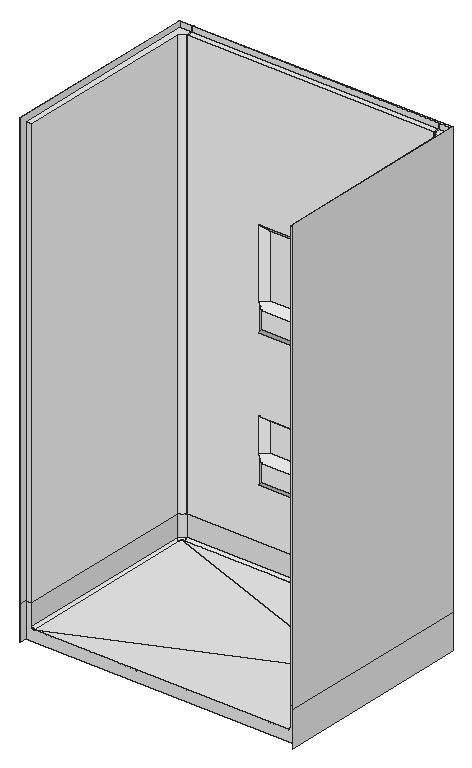
Revit family "4LDS4834E5T,E2T,E5B,E2B", category Plumbing Fixtures, Revit 2017
Family settings
  Round Connector Dimension = Use Diameter
  Part Type = Normal
  OmniClass Number = 23.45.05.14.17
  OmniClass Title = Showers
  Work Plane-Based = No
  Always vertical = Yes
  Cut with Voids When Loaded = No
  Shared = No
  Room Calculation Point = No
Parameters (values of type "4LDS4834E2B")
  Unit Width = 48"
  Unit Height [instance] = 82 1/2"
  Unit Depth = 35"
  URL = "http://www.bestbath.com/"
  Type Comments = "Barrier Free"
  Threshold Height = 2"
  Model = "4LDS4834E2B"
  Material [instance] = Best Bath Diamond Tile
  Manufacturer = "Best Bath Systems, Inc."
  Keynote = "22 40 00.B3"
  Description = "Diamond Tile, Beveled Threshold"
  Assembly Code = "D2010710"
Types (5): name | Unit Height | Threshold Height | Model | Description
  (no name) | 82 1/2" | 2" | "4LDS4834E2B" | "Diamond Tile, Beveled Threshold"
  4LDS4834E5B | 81 1/8" | 5/8" | "4LDS4834E5B" | "Diamond Tile, Beveled Threshold"
  4LDS4834E2B | 82 1/2" | 2" | "4LDS4834E2B" | "Diamond Tile, Beveled Threshold"
  4LDS4834E5T | 81 1/8" | 5/8" | "4LDS4834E5T" | "Diamond Tile, Traditional Bull Nose Threshold"
  4LDS4834E2T | 82 1/2" | 2" | "4LDS4834E2T" | "Diamond Tile, Traditional Bull Nose Threshold"
Reference planes (in)
  plane 1 "Back": y = -0.5
  plane 2: z = 0
  plane 3 "Left": x = 0
  plane 4: x = 48
  plane 5: y = -34.5
  plane 6: z = 81.5
  plane 7: z = 2
  plane 8: z = 82.5
  plane 9: x = 42
  plane 10: y = -1.75
  plane 11: y = -16.25
  plane 12: z = 1.625
  plane 13: z = 6
  plane 14: y = -35.5
Forms (in)
  Extrusion 1, solid, material "Best Bath Smoothwall"
    sketch origin (0, 0, 0) x (1, 0, 0) y (0, 1, 0)
      loop
        line (0, -0.5) -> (0, -34.5) -> (48, -34.5) -> (48, -0.5) -> (0, -0.5)
      loop
        circle (42, -16.25) r 2.0625
    from 0 to 2
  Extrusion 2, solid, material "Best Bath Smoothwall"
    sketch origin (0, 0, 0) x (1, 0, 0) y (0, 1, 0)
      loop
        line (2.25, -0.5) -> (2.25, -1.75) -> (45.75, -1.75) -> (45.75, -0.5) -> (2.25, -0.5)
    from 6 to 81.5
  Extrusion 3, solid, material "Best Bath Smoothwall"
    sketch origin (0, 0, 0) x (1, 0, 0) y (0, 1, 0)
      loop
        line (0, -34.5) -> (1.25, -34.5) -> (1.25, -2.75)
        arc (1.25, -2.75) -> (1.54289, -2.04289) -> (2.25, -1.75) r 1
        line (2.25, -1.75) -> (45.75, -1.75)
        arc (45.75, -1.75) -> (46.45711, -2.04289) -> (46.75, -2.75) r 1
        line (46.75, -2.75) -> (46.75, -34.5) -> (48, -34.5) -> (48, -0.5) -> (0, -0.5) -> (0, -34.5)
    from 0 to 6
  Extrusion 4, solid, material "Best Bath Smoothwall"
    sketch origin (0, 0, 0) x (1, 0, 0) y (0, 1, 0)
      loop
        line (0, -34.5) -> (1.25, -34.5) -> (1.25, -2.75)
        arc (1.25, -2.75) -> (1.54289, -2.04289) -> (2.25, -1.75) r 1
        line (2.25, -1.75) -> (2.25, -0.5) -> (0, -0.5) -> (0, -34.5)
      loop
        line (48, -34.5) -> (48, -0.5) -> (45.75, -0.5) -> (45.75, -1.75)
        arc (45.75, -1.75) -> (46.45711, -2.04289) -> (46.75, -2.75) r 1
        line (46.75, -2.75) -> (46.75, -34.5) -> (48, -34.5)
    from 6 to 81.5
  Sweep 5, solid, material "Best Bath Smoothwall"
    path origin (0, 0, 0) x (1, 0, 0) y (0, 1, 0)
      loop
        line (1.25, -34.5) -> (1.25, -2.75)
        arc (1.25, -2.75) -> (1.54289, -2.04289) -> (2.25, -1.75) r 1
        line (2.25, -1.75) -> (45.75, -1.75)
        arc (45.75, -1.75) -> (46.45711, -2.04289) -> (46.75, -2.75) r 1
        line (46.75, -2.75) -> (46.75, -34.5)
    profile origin (1.25, -18.625, 0) x (-1, 0, 0) y (0, 0, 1)
      loop
        line (0, 2) -> (0, 2.375)
        arc (0, 2.375) -> (-0.10983, 2.10983) -> (-0.375, 2) r 0.375
        line (-0.375, 2) -> (0, 2)
  Blend 6, solid, material "Best Bath Smoothwall"
    base sketch origin (-14, -38.5, 0) x (1, 0, 0) y (0, 0, 1)
      loop
        line (29, 20.0625) -> (29, 15.0625) -> (52, 15.0625) -> (52, 20.0625) -> (29, 20.0625)
    top sketch origin (-14, -38.5, 0) x (1, 0, 0) y (0, 0, 1)
      loop
        line (31, 20.0625) -> (31, 17.0625) -> (50, 17.0625) -> (50, 20.0625) -> (31, 20.0625)
    from -36.75 to -34.75
  Blend 7, solid, material "Best Bath Smoothwall"
    base sketch origin (-14, -38.5, 0) x (1, 0, 0) y (0, 0, 1)
      loop
        line (29, 44.0625) -> (29, 39.0625) -> (52, 39.0625) -> (52, 44.0625) -> (29, 44.0625)
    top sketch origin (-14, -38.5, 0) x (1, 0, 0) y (0, 0, 1)
      loop
        line (31, 44.0625) -> (31, 41.0625) -> (50, 41.0625) -> (50, 44.0625) -> (31, 44.0625)
    from -36.75 to -34.75
  Extrusion 8, solid, material "Best Bath Smoothwall"
    sketch origin (0, 0, 0) x (1, 0, 0) y (0, 1, 0)
      loop
        line (0, -35.5) -> (0.125, -35.5) -> (0.125, -0.625) -> (2.25, -0.625) -> (2.25, -0.5) -> (0, -0.5) -> (0, -35.5)
      loop
        line (48, -35.5) -> (48, -0.5) -> (45.75, -0.5) -> (45.75, -0.625) -> (47.875, -0.625) -> (47.875, -35.5) -> (48, -35.5)
    from 6 to 82.5
  Extrusion 9, solid, material "Best Bath Smoothwall"
    sketch origin (0, 0, 0) x (1, 0, 0) y (0, 1, 0)
      loop
        line (0, -35.5) -> (0.125, -35.5) -> (0.125, -34.5) -> (0, -34.5) -> (0, -35.5)
      loop
        line (48, -34.5) -> (47.875, -34.5) -> (47.875, -35.5) -> (48, -35.5) -> (48, -34.5)
    from 0 to 6
  Extrusion 10, solid, material "Best Bath Smoothwall"
    sketch origin (0, 0, 0) x (1, 0, 0) y (0, 1, 0)
      loop
        line (2.25, -0.5) -> (2.25, -0.625) -> (45.75, -0.625) -> (45.75, -0.5) -> (2.25, -0.5)
    from 81.5 to 82.5
  Blend 11, void
    base sketch origin (-14, -38.5, 0) x (1, 0, 0) y (0, 0, 1)
      loop
        line (29, 44.0625) -> (52, 44.0625) -> (52, 56.0625) -> (29, 56.0625) -> (29, 44.0625)
    top sketch origin (-14, -38.5, 0) x (1, 0, 0) y (0, 0, 1)
      loop
        line (30, 44.0625) -> (51, 44.0625) -> (51, 55.0625) -> (30, 55.0625) -> (30, 44.0625)
    from -36.75 to -37.83894
  Blend 12, void
    base sketch origin (-14, -38.5, 0) x (1, 0, 0) y (0, 0, 1)
      loop
        line (29, 20.0625) -> (52, 20.0625) -> (52, 26.0625) -> (29, 26.0625) -> (29, 20.0625)
    top sketch origin (-14, -38.5, 0) x (1, 0, 0) y (0, 0, 1)
      loop
        line (30, 25.0625) -> (30, 20.0625) -> (51, 20.0625) -> (51, 25.0625) -> (30, 25.0625)
    from -36.75 to -37.825
  Blend 13, void
    base sketch origin (0, 0, 0) x (1, 0, 0) y (0, 1, 0)
      loop
        line (1.75, -2.19997) -> (1.75, -34.5) -> (46.32567, -34.5) -> (46.32567, -2.19997) -> (1.75, -2.19997)
    top sketch origin (0, 0, 0) x (1, 0, 0) y (0, 1, 0)
      loop
        circle (42, -16.25) r 0.03297
    from 2 to 1.625
Cuts and joins
  Blend 13 cuts Extrusion 1
  Blend 13 cuts Extrusion 3
  Blend 13 cuts Sweep 5
  Blend 13 cuts Extrusion 9
  joined: Extrusion 1, Extrusion 3, Sweep 5, Extrusion 9
  Blend 11, Blend 12 cuts Extrusion 2
  joined: Extrusion 2, Blend 6, Blend 7, Extrusion 10
  joined: Extrusion 4, Extrusion 8
Dimensions and locks (in)
  "Unit Width": plane 3 "Left" to plane 4
  "Threshold Height": plane 7 to level
  locked: plane 8 to plane 6 at 1
  plane 3 "Left" to plane 9 to plane 4 = 42", 6"
  locked: plane 1 "Back" to plane 11 at 15.75
  locked: plane 10 to plane 1 "Back" at 1.25
  locked: plane 7 to plane 12 at 0.375
  locked: plane 5 to plane 14 at 1
  "Unit Depth": plane 14 to plane 1 "Back"
  locked: plane 6 to plane 7 at 79.5
  locked: plane 13 to plane 7 at 4
  "Unit Height": plane 8 to level
  aligned and locked: level to plane 2
  aligned and locked: Extrusion 1 to plane 7
  aligned and locked: plane 5 to Extrusion 1 sketch curve
  aligned and locked: plane 4 to Extrusion 1 sketch curve
  aligned and locked: Extrusion 2 sketch curve to Extrusion 1
  aligned and locked: Extrusion 2 sketch curve to plane 10
  aligned and locked: plane 11 to Extrusion 1 sketch curve
  aligned and locked: plane 9 to Extrusion 1 sketch curve
  aligned and locked: plane 13 to Extrusion 3
  aligned and locked: Extrusion 2 to plane 13
  aligned and locked: plane 6 to Extrusion 2
  aligned and locked: Extrusion 4 to Extrusion 2
  aligned and locked: plane 6 to Extrusion 4
  aligned and locked: Sweep 5 sketch curve to plane 7
  aligned and locked: Extrusion 8 to plane 13
  aligned and locked: plane 8 to Extrusion 8
  aligned and locked: plane 13 to Extrusion 9
  aligned and locked: Extrusion 10 to plane 6
  aligned and locked: plane 8 to Extrusion 10
  aligned and locked: plane 11 to Blend 13 sketch curve
  aligned and locked: plane 9 to Blend 13 sketch curve
  aligned and locked: Extrusion 1 to Blend 13
  aligned and locked: Blend 13 to plane 12
Automatic sketch dimensions
  Extrusion 1 sketch curve to plane 3 "Left" = 0"
  plane 1 "Back" to Extrusion 1 sketch curve = 0"
  plane 1 "Back" to Extrusion 3 sketch curve = 0"
  Extrusion 3 sketch curve to plane 3 "Left" = 0"
  Extrusion 3 sketch curve to plane 5 = 0"  (x2)
  Extrusion 3 sketch curve to plane 10 = 0"
  Extrusion 3 sketch curve to plane 4 = 0"
  plane 4 to Extrusion 3 sketch curve = 1 1/4"
  Extrusion 3 sketch curve to plane 10 = 1"
  plane 3 "Left" to Extrusion 3 sketch curve = 1 1/4"
  Extrusion 3 sketch curve to Extrusion 3 sketch curve = 1"
  Sweep 5 sketch curve to plane 5 = 0"  (x2)
  Sweep 5 sketch curve to plane 10 = 0"
  plane 3 "Left" to Sweep 5 sketch curve = 1 1/4"
  Sweep 5 sketch curve to Sweep 5 sketch curve = 1"
  Sweep 5 sketch curve to plane 10 = 1"
  plane 4 to Sweep 5 sketch curve = 2 1/4"
  Sweep 5 sketch curve to profile plane = 0"
  profile plane to Sweep 5 sketch curve = 3/8"
  Extrusion 4 sketch curve to plane 3 "Left" = 0"
  Extrusion 4 sketch curve to plane 5 = 0"  (x2)
  plane 1 "Back" to Extrusion 4 sketch curve = 0"  (x2)
  Extrusion 4 sketch curve to plane 10 = 0"  (x2)
  Extrusion 4 sketch curve to plane 4 = 0"
  plane 3 "Left" to Extrusion 4 sketch curve = 1 1/4"
  Extrusion 4 sketch curve to plane 10 = 1"
  plane 4 to Extrusion 4 sketch curve = 2 1/4"
  plane 4 to Extrusion 4 sketch curve = 1 1/4"
  plane 4 to Extrusion 2 sketch curve = 2 1/4"
  plane 3 "Left" to Extrusion 2 sketch curve = 2 1/4"
  plane 9 to Blend 6 sketch curve = 27"
  plane 9 to Blend 6 sketch curve = 4"
  plane 13 to Blend 6 sketch curve = 9 1/16"
  Blend 6 sketch curve to Blend 6 sketch curve = 5"
  plane 9 to Blend 7 sketch curve = 27"
  plane 9 to Blend 7 sketch curve = 4"
  plane 13 to Blend 7 sketch curve = 33 1/16"
  Blend 7 sketch curve to Blend 7 sketch curve = 5"
  plane 9 to Blend 7 sketch curve = 25"
  plane 9 to Blend 7 sketch curve = 6"
  plane 13 to Blend 7 sketch curve = 35 1/16"
  Blend 7 sketch curve to Blend 7 sketch curve = 3"
  Extrusion 8 sketch curve to plane 3 "Left" = 0"
  Extrusion 8 sketch curve to plane 14 = 0"  (x2)
  plane 1 "Back" to Extrusion 8 sketch curve = 0"  (x2)
  Extrusion 8 sketch curve to plane 4 = 0"
  plane 3 "Left" to Extrusion 8 sketch curve = 1/8"
  plane 1 "Back" to Extrusion 8 sketch curve = 1/8"  (x2)
  Extrusion 8 sketch curve to Extrusion 8 sketch curve = 2 1/8"
  plane 4 to Extrusion 8 sketch curve = 2 1/4"
  plane 4 to Extrusion 8 sketch curve = 1/8"
  Extrusion 9 sketch curve to plane 3 "Left" = 0"
  Extrusion 9 sketch curve to plane 5 = 0"  (x2)
  Extrusion 9 sketch curve to plane 14 = 0"  (x2)
  Extrusion 9 sketch curve to plane 4 = 0"
  plane 3 "Left" to Extrusion 9 sketch curve = 1/8"
  Extrusion 9 sketch curve to Extrusion 9 sketch curve = 1/8"
  plane 1 "Back" to Extrusion 10 sketch curve = 0"
  plane 1 "Back" to Extrusion 10 sketch curve = 1/8"
  plane 3 "Left" to Extrusion 10 sketch curve = 2 1/4"
  plane 4 to Extrusion 10 sketch curve = 2 1/4"
  plane 9 to Blend 11 sketch curve = 27"
  plane 9 to Blend 11 sketch curve = 4"
  Blend 11 sketch curve to plane 6 = 37 7/16"  (x2)
  Blend 11 sketch curve to Blend 11 sketch curve = 12"
  plane 9 to Blend 11 sketch curve = 26"
  plane 9 to Blend 11 sketch curve = 5"
  Blend 11 sketch curve to Blend 11 sketch curve = 11"
  plane 9 to Blend 12 sketch curve = 27"
  plane 9 to Blend 12 sketch curve = 4"
  plane 13 to Blend 12 sketch curve = 14 1/16"  (x2)
  Blend 12 sketch curve to Blend 12 sketch curve = 6"
  plane 9 to Blend 12 sketch curve = 26"
  plane 9 to Blend 12 sketch curve = 5"
  Blend 12 sketch curve to Blend 12 sketch curve = 5"
  plane 9 to Blend 6 sketch curve = 25"
  plane 9 to Blend 6 sketch curve = 6"
  plane 13 to Blend 6 sketch curve = 11 1/16"
  Blend 6 sketch curve to Blend 6 sketch curve = 3"
  Blend 13 sketch curve to plane 5 = 0"
  plane 3 "Left" to Blend 13 sketch curve = 1 3/4"
  plane 4 to Blend 13 sketch curve = 1.67433"
  Blend 13 sketch curve to plane 10 = 0.44997"
  radius of Extrusion 1 sketch curve = 2 1/16"
  radius of Blend 13 sketch curve = 0.03297"
